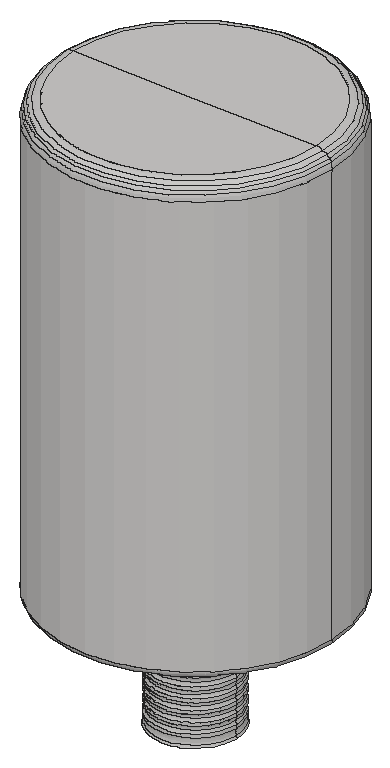
Revit family
Parameters (values of type "5050")
  Width = 3 1/4"
  Weight (lb) = 4.25
  Waste Connection = no
  Warranty = "1 year material and workmanship"  # constant formula
  Vent Connection = no
  URL = "http://www.jrsmith.com"
  Top Height = 5 1/4"
  Threaded Connection = no
  Technical and Installation = "http://jrsmith.com/products/water/techdata/design.htm"
  SmartBIM Object Version = 3  # constant formula
  SmartBIM Object Created By = "Reed Construction Data"  # constant formula
  Product URL = "http://jrsmith.com/products/water/submittal/d5005.pdf"
  Pipe Size = 1"
  OmniClass Title = "Expansion Fittings and Loops for Plumbing Piping"  # constant formula
  OmniClass Code = "22-22 05 16"  # constant formula
  Model = "5050"
  Material Finish = Duco coated
  Material = Stainless Steel
  Manufacturer = "Jay R. Smith Mfg. Co."  # constant formula
  Height = 6 5/8"
  HW Connection = no
  Fixture Unit Rating = "155-330"
  Description = "Hydratrol - water hammer arrester"  # constant formula
  Default Elevation = 0"  # constant formula
  Pipe Radius = Pipe Size / 2  # 1/2"
  CW Connection = no
  Assembly Code = "D2030200"
  Action = ""
  95 CSI = "15110"  # constant formula
  04 CSI = "22 05 16"  # constant formula
Types (7): name | Weight (lb) | Top Height | Pipe Size | Model | Height | Fixture Unit Rating | Pipe Radius | Assembly Code
  (no name) | 4.25 | 5 1/4" | 1" | "5050" | 6 5/8" | "155-330" | 1/2" | "D2030200"
  5005 | 1 | 1 7/16" | 3/4" | "5005" | 2 5/8" | "1-11" | 3/8" | "D2020300"
  5010 | 1.75 | 1 3/4" | 1" | "5010" | 3" | "12-35" | 1/2" | "D2020300"
  5020 | 2.25 | 2 1/4" | 1" | "5020" | 3 5/8" | "33-60" | 1/2" | "D2030200"
  5030 | 3 | 3 1/4" | 1" | "5030" | 5 1/8" | "61-113" | 1/2" | "D2030200"
  5040 | 3.5 | 4 1/8" | 1" | "5040" | 5 1/2" | "114-154" | 1/2" | "D2030200"
  5050 | 4.25 | 5 1/4" | 1" | "5050" | 6 5/8" | "155-330" | 1/2" | "D2030200"
Reference planes (in)
  plane 1 "Center (Front/Back)": y = 0
  plane 2: z = 0
  plane 3 "Center (Left/Right)": x = -3.05151
  plane 4: z = 6.625
  plane 5: x = -4.67651
  plane 6: x = -1.42651
  plane 7: z = 1.375
  plane 8: z = 4
Forms (in)
  Revolve 1, solid, material "Stainless Steel"
    sketch origin (0, 0, 0) x (1, 0, 0) y (0, 0, 1)
      loop
        arc (-4.67651, 1.44417) -> (-4.66805, 1.41103) -> (-4.64475, 1.386) r 0.06917
        arc (-4.64475, 1.386) -> (-4.62684, 1.37781) -> (-4.60734, 1.375) r 0.06917
        line (-4.60734, 1.375) -> (-3.05151, 1.375) -> (-3.05151, 6.625) -> (-4.48827, 6.625)
        arc (-4.48827, 6.625) -> (-4.52875, 6.6206) -> (-4.56733, 6.60759) r 0.18823
        arc (-4.56733, 6.60759) -> (-4.59353, 6.59282) -> (-4.61704, 6.57406) r 0.18823
        arc (-4.61704, 6.57406) -> (-4.63053, 6.56003) -> (-4.6425, 6.54468) r 0.18823
        arc (-4.6425, 6.54468) -> (-4.65425, 6.52556) -> (-4.66364, 6.50518) r 0.18823
        arc (-4.66364, 6.50518) -> (-4.67326, 6.47157) -> (-4.67651, 6.43677) r 0.18823
        line (-4.67651, 6.43677) -> (-4.67651, 1.44417)
      axis (-3.05151, 6.625) -> (-3.05151, 1.375)
    angle from 0 to 360
  Extrusion 2, solid, material "Stainless Steel"
    sketch origin (0, 0, 0) x (1, 0, 0) y (0, 1, 0)
      loop
        circle (-3.05151, 0) r 0.5
    from 0 to 1.375
  Sweep 3, void
    path origin (0, 0, 0) x (1, 0, 0) y (0, 1, 0)
      loop
        circle (-3.05151, 0) r 0.5
    profile origin (-3.05151, 0.5, 0) x (0, -1, 0) y (0, 0, 1)
      loop
        arc (0.0123, 0.1454) -> (0.0196, 0.1673) -> (0.02174, 0.19028) r 0.10124
        arc (0.02174, 0.19028) -> (0.01913, 0.21108) -> (0.0123, 0.2309) r 0.10124
        line (0.0123, 0.2309) -> (0.0123, 0.27084)
        arc (0.0123, 0.27084) -> (0.01942, 0.29193) -> (0.02176, 0.31408) r 0.10124
        arc (0.02176, 0.31408) -> (0.01932, 0.33572) -> (0.0123, 0.35633) r 0.10124
        line (0.0123, 0.35633) -> (0.0123, 0.39627)
        arc (0.0123, 0.39627) -> (0.01973, 0.41884) -> (0.02171, 0.44251) r 0.10124
        arc (0.02171, 0.44251) -> (0.01898, 0.46261) -> (0.0123, 0.48176) r 0.10124
        line (0.0123, 0.48176) -> (0.0123, 0.5217)
        arc (0.0123, 0.5217) -> (0.01941, 0.54271) -> (0.02177, 0.56477) r 0.10124
        arc (0.02177, 0.56477) -> (0.01934, 0.5865) -> (0.0123, 0.6072) r 0.10124
        line (0.0123, 0.6072) -> (0.0123, 0.64714)
        arc (0.0123, 0.64714) -> (0.02002, 0.67116) -> (0.02156, 0.69635) r 0.10124
        arc (0.02156, 0.69635) -> (0.01506, 0.72611) -> (0, 0.7526) r 0.10124
        arc (0, 0.7526) -> (-0.02989, 0.37041) -> (0, -0.01179) r 2.45823
        arc (0, -0.01179) -> (0.00898, 0.00736) -> (0.01517, 0.02759) r 0.14975
        arc (0.01517, 0.02759) -> (0.01889, 0.06671) -> (0.0123, 0.10546) r 0.14975
        line (0.0123, 0.10546) -> (0.0123, 0.1454)
Cuts and joins
  Sweep 3 cuts Extrusion 2
  joined: Revolve 1, Extrusion 2
Dimensions and locks (in)
  "Height": plane 4 to level
  equal spacing: plane 5, plane 3 "Center (Left/Right)", plane 6
  "Width": plane 5 to plane 6
  "Top Height": plane 4 to plane 7
  equal spacing: plane 4, plane 8, plane 7
  "Pipe Radius": radius of Extrusion 2 sketch curve
  "Pipe Radius": radius of Sweep 3 sketch curve
  aligned and locked: Revolve 1 sketch curve to plane 5
  aligned and locked: Revolve 1 sketch curve to plane 7
  aligned and locked: Revolve 1 sketch curve to plane 3 "Center (Left/Right)"
  aligned and locked: Revolve 1 sketch curve to plane 4
  aligned and locked: plane 3 "Center (Left/Right)" to Extrusion 2 sketch curve
  aligned and locked: plane 1 "Center (Front/Back)" to Extrusion 2 sketch curve
  aligned and locked: plane 7 to Extrusion 2
  aligned and locked: Extrusion 2 to level
  aligned and locked: plane 8 to nested 1
Automatic sketch dimensions
  Revolve 1 sketch curve to plane 3 "Center (Left/Right)" = 0"
  Revolve 1 sketch curve to plane 5 = 0.06917"
  Revolve 1 sketch curve to plane 4 = 0.18823"
  Revolve 1 sketch curve to level = 46.65555"
  Revolve 1 sketch curve to Revolve 1 sketch curve = 92.44003"
  Sweep 3 sketch curve to plane 1 "Center (Front/Back)" = 0"
  Sweep 3 sketch curve to plane 3 "Center (Left/Right)" = 0"
  Revolve 1 sketch curve to Revolve 1 sketch curve = 0"  (x10)
  Revolve 1 sketch curve to plane 4 = 0.01741"
  Revolve 1 sketch curve to plane 4 = 0.05094"
  Revolve 1 sketch curve to plane 5 = 0.034"
  Revolve 1 sketch curve to plane 5 = 0.01287"
  plane 7 to Revolve 1 sketch curve = 0.011"
  Sweep 3 sketch curve to Sweep 3 sketch curve = 0"  (x12)
  Sweep 3 sketch curve to profile plane = 0"  (x2)
  profile plane to Sweep 3 sketch curve = 0.07947"  (x5)
  level to Sweep 3 sketch curve = 0.0612"
  profile plane to Sweep 3 sketch curve = 0.13076"
  Sweep 3 sketch curve to profile plane = 0.0123"  (x5)
  Sweep 3 sketch curve to profile plane = 0.01517"
  Sweep 3 sketch curve to profile plane = 0.02156"
  Sweep 3 sketch curve to profile plane = 0.02171"
  Sweep 3 sketch curve to profile plane = 0.02174"
  Sweep 3 sketch curve to profile plane = 0.02176"
  Sweep 3 sketch curve to profile plane = 0.02177"
  Sweep 3 sketch curve to Sweep 3 sketch curve = 2.40657"
  level to Sweep 3 sketch curve = 0.02759"
  Sweep 3 sketch curve to Sweep 3 sketch curve = 0.03994"  (x5)
  Sweep 3 sketch curve to Sweep 3 sketch curve = 0.04275"  (x5)
Nested families (in)
  nested 1: "Divider" at (-3.05151, 0, 3.84395), type "Divider"
Definition of nested family "Divider"
  Parameters
    Radius = 1 5/8"
    Divider Visibility = yes
    Divider = Stainless Steel
  Reference planes (in)
    plane 1 "Center (Front/Back)": y = 0
    plane 2: z = 0
    plane 3 "Center (Left/Right)": x = 0
    plane 4: z = 0.15605
  Forms (in)
    Sweep 1, solid, material "Stainless Steel" <- "Divider", visible <- "Divider Visibility"
      path origin (0, 0, 0) x (1, 0, 0) y (0, 1, 0)
        loop
          arc (-0.79502, 1.41724) -> (-1.18731, 1.10946) -> (-1.46782, 0.69723) r 1.625
          arc (-1.46782, 0.69723) -> (-1.54724, 0.49665) -> (-1.5994, 0.28732) r 1.625
          arc (-1.5994, 0.28732) -> (-1.62452, 0.03962) -> (-1.6115, -0.20901) r 1.625
          arc (-1.6115, -0.20901) -> (-1.60109, -0.27773) -> (-1.58775, -0.34594) r 1.625
          arc (-1.58775, -0.34594) -> (-1.52768, -0.5539) -> (-1.44051, -0.75203) r 1.625
          arc (-1.44051, -0.75203) -> (-1.33049, -0.93296) -> (-1.19789, -1.09804) r 1.625
          arc (-1.19789, -1.09804) -> (-1.0902, -1.20502) -> (-0.97301, -1.30149) r 1.625
          arc (-0.97301, -1.30149) -> (-0.77858, -1.42634) -> (-0.56842, -1.52234) r 1.625
          arc (-0.56842, -1.52234) -> (-0.3632, -1.58389) -> (-0.15166, -1.61791) r 1.625
          arc (-0.15166, -1.61791) -> (0.18433, -1.61451) -> (0.51243, -1.54209) r 1.625
          arc (0.51243, -1.54209) -> (0.61421, -1.50445) -> (0.71325, -1.4601) r 1.625
          arc (0.71325, -1.4601) -> (0.89117, -1.35884) -> (1.05495, -1.236) r 1.625
          arc (1.05495, -1.236) -> (1.21304, -1.08128) -> (1.34864, -0.90653) r 1.625
          arc (1.34864, -0.90653) -> (1.3919, -0.8386) -> (1.43173, -0.76861) r 1.625
          arc (1.43173, -0.76861) -> (1.49063, -0.64703) -> (1.53922, -0.52098) r 1.625
          arc (1.53922, -0.52098) -> (1.58304, -0.36689) -> (1.61147, -0.20924) r 1.625
          arc (1.61147, -0.20924) -> (1.625, 0.00153) -> (1.61108, 0.21227) r 1.625
          arc (1.61108, 0.21227) -> (1.56537, 0.43617) -> (1.48871, 0.65144) r 1.625
          arc (1.48871, 0.65144) -> (1.45124, 0.73112) -> (1.40951, 0.80864) r 1.625
          arc (1.40951, 0.80864) -> (1.33608, 0.92494) -> (1.25308, 1.03461) r 1.625
          arc (1.25308, 1.03461) -> (1.168, 1.12978) -> (1.07572, 1.21797) r 1.625
          arc (1.07572, 1.21797) -> (0.91114, 1.34553) -> (0.73161, 1.45099) r 1.625
          arc (0.73161, 1.45099) -> (0.54165, 1.53207) -> (0.34295, 1.5884) r 1.625
          arc (0.34295, 1.5884) -> (0.08551, 1.62275) -> (-0.17411, 1.61565) r 1.625
          arc (-0.17411, 1.61565) -> (-0.33987, 1.58906) -> (-0.502, 1.54552) r 1.625
          arc (-0.502, 1.54552) -> (-0.65167, 1.48861) -> (-0.79502, 1.41724) r 1.625
      profile origin (-1.18731, 1.10946, 0) x (0.730654, -0.682747, 0) y (0, 0, 1)
        loop
          line (0, 0) -> (0, 0.35875)
          arc (0, 0.35875) -> (-0.02015, 0.33375) -> (-0.03715, 0.30652) r 0.26637
          arc (-0.03715, 0.30652) -> (-0.0498, 0.27978) -> (-0.05941, 0.2518) r 0.26637
          arc (-0.05941, 0.2518) -> (-0.06575, 0.2236) -> (-0.069, 0.19488) r 0.26637
          arc (-0.069, 0.19488) -> (-0.06923, 0.16866) -> (-0.06689, 0.14255) r 0.26637
          arc (-0.06689, 0.14255) -> (-0.06369, 0.12429) -> (-0.05923, 0.10631) r 0.26637
          arc (-0.05923, 0.10631) -> (-0.05199, 0.08452) -> (-0.04289, 0.06344) r 0.26637
          arc (-0.04289, 0.06344) -> (-0.02374, 0.03017) -> (0, 0) r 0.26637
  Dimensions and locks (in)
    "Radius": radius of Sweep 1 sketch curve
  Automatic sketch dimensions
    Sweep 1 sketch curve to plane 1 "Center (Front/Back)" = 0"
    Sweep 1 sketch curve to plane 3 "Center (Left/Right)" = 0"
    Sweep 1 sketch curve to profile plane = 0"
    level to Sweep 1 sketch curve = 0.17937"
    Sweep 1 sketch curve to profile plane = 0.19692"
    Sweep 1 sketch curve to level = 0"
    Sweep 1 sketch curve to Sweep 1 sketch curve = 0"  (x61)
    profile plane to Sweep 1 sketch curve = 0.03715"
    Sweep 1 sketch curve to Sweep 1 sketch curve = 0.02226"
    level to Sweep 1 sketch curve = 0.19488"
    level to Sweep 1 sketch curve = 0.14255"
    Sweep 1 sketch curve to Sweep 1 sketch curve = 0.00766"
    profile plane to Sweep 1 sketch curve = 0.04289"
    Sweep 1 sketch curve to plane 3 "Center (Left/Right)" = 0.79502"
    Sweep 1 sketch curve to plane 1 "Center (Front/Back)" = 0.69723"
    plane 1 "Center (Front/Back)" to Sweep 1 sketch curve = 0.20901"
    Sweep 1 sketch curve to plane 3 "Center (Left/Right)" = 0.97301"
    plane 3 "Center (Left/Right)" to Sweep 1 sketch curve = 0.51243"
    plane 1 "Center (Front/Back)" to Sweep 1 sketch curve = 0.76861"
    Sweep 1 sketch curve to plane 1 "Center (Front/Back)" = 0.65144"
    plane 3 "Center (Left/Right)" to Sweep 1 sketch curve = 0.73161"
    Sweep 1 sketch curve to plane 3 "Center (Left/Right)" = 0.17411"
    Sweep 1 sketch curve to Sweep 1 sketch curve = 0.34411"
    Sweep 1 sketch curve to Sweep 1 sketch curve = 0.17736"
    Sweep 1 sketch curve to Sweep 1 sketch curve = 0.0792"
    Sweep 1 sketch curve to plane 1 "Center (Front/Back)" = 0.21227"
    plane 1 "Center (Front/Back)" to Sweep 1 sketch curve = 0.20924"
    Sweep 1 sketch curve to Sweep 1 sketch curve = 0.10749"
    Sweep 1 sketch curve to Sweep 1 sketch curve = 0.08309"
    Sweep 1 sketch curve to Sweep 1 sketch curve = 0.29369"
    Sweep 1 sketch curve to Sweep 1 sketch curve = 0.20081"
    Sweep 1 sketch curve to plane 3 "Center (Left/Right)" = 0.15166"
    Sweep 1 sketch curve to Sweep 1 sketch curve = 0.41675"
    Sweep 1 sketch curve to Sweep 1 sketch curve = 0.22488"
    Sweep 1 sketch curve to Sweep 1 sketch curve = 0.24262"
    Sweep 1 sketch curve to Sweep 1 sketch curve = 0.02375"
    Sweep 1 sketch curve to plane 1 "Center (Front/Back)" = 0.28732"
    Sweep 1 sketch curve to Sweep 1 sketch curve = 0.29302"
    plane 3 "Center (Left/Right)" to Sweep 1 sketch curve = 0.34295"
